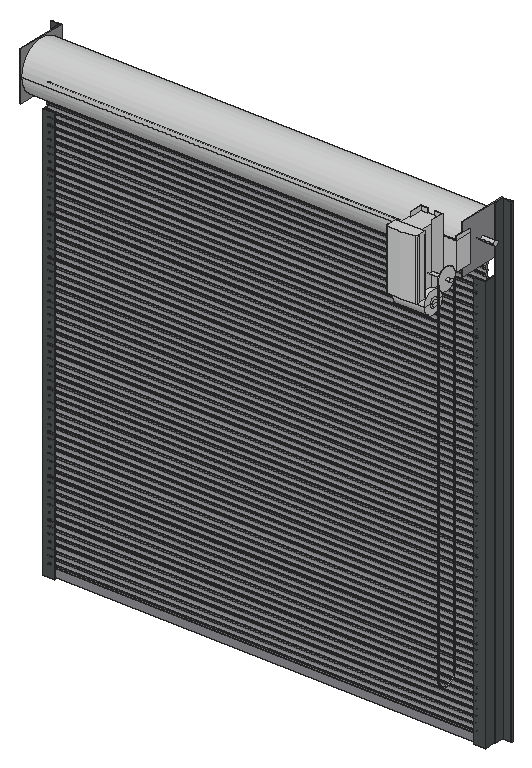
Revit family "Rolling-Steel-Service-Doors_OHD_Model-610_compact", category Specialty Equipment, host Wall, Revit 2023
Family settings
  Host = Wall
  Round Connector Dimension = Use Diameter
  Part Type = Normal
  OmniClass Number = 23.30.10.21.34
  OmniClass Title = Industrial Doors
  Enable Cutting in Views = No
  Always vertical = Yes
  Cut with Voids When Loaded = Yes
  Maintain Annotation Orientation = No
  Shared = No
  Room Calculation Point = No
Parameters (values of type "115 volts, one phase, 60 Hz (110-120V range)")
  Width Count [instance] = if(Slat < 2, 15, if(or(Opening Width < 240", Opening Width = 240"), 20, if(or(Opening Width < 288", Opening Width = 288"), 24, 30)))  # 15
  Warning Sign [instance] = if(Calculated Area > 683.00 SF, 1 = 1, 1 = 2)  # no
  Warning (Note) [instance] = if(Warning Sign, "The Door Area is out of the limit; please adjust accordingly. The maximum allowed area is 683 sq. ft.", if(Opening Height > 360", "Headroom Clearance Dimensions - out of the limits. Consult Factory", " "))  # " "
  Wall Thickness [instance] = 6"
  Voltage = 115 V
  Version = "1.00.01"  # constant formula
  True Opening Width [instance] = if(Between Jambs Mounting, Door Width True, Clear Width)  # 120"
  True Opening Height [instance] = if(Between Jambs Mounting, Clear Height + Headroom Height, Clear Height)  # 120"
  Slat Type [instance] = if(Slat Option < 2, "C-187", if(Slat Option = 2, "C-275", if(Slat Option = 3, "F-265", "FE-265")))  # "C-187"
  Slat Option [instance] = 1
  Slat Length [instance] = Clear Width + G Value * 2 - 1" / 2 * 2  # 126"
  Slat Height [instance] = if(Slat < 2, 11 9/32", if(Slat = 2, 13 3/4", 13 19/128"))  # 11 9/32"
  Slat [instance] = if(Slat Option < 2, 1, if(Slat Option = 2, 2, if(Slat Option = 3, 3, 4)))  # 1
  Product Page URL = "https://www.overheaddoor.com/rolling-steel-service-doors-610"
  Power Factor = 1
  Powder Coat (Note) = "PowderGuard® Premium powder coat finish options are available in approximately 200 colors as well as custom matching to specification. PowderGuard® Textured finish, a thicker, more scratch resistant coat, is available in 11 colors providing enhanced scratch resistance as well as aiding in hiding the dirt and blemishes that often occur in commercial environments.​"  # constant formula
  Operator Visibility = yes
  Operation (Note) [instance] = "Door could operate by manual push, crank, electrical operator or chain hoist. Manual push up and crank could be used up to 80 sf, for larger door sizes you have to use Chain Hoist operator."  # constant formula
  Opening Width Real [instance] = if(Opening Width > Max Opening Width, Max Opening Width, if(Opening Width < Min Opening Width, Min Opening Width, Opening Width))  # 120"
  Opening Width [instance] = 120"
  Opening Height Real [instance] = if(Opening Height > Max Opening Height, Max Opening Height, if(Opening Height < Min Opening Height, Min Opening Height, Opening Height))  # 120"
  Opening Height [instance] = 120"
  One Array element [instance] = not(Array Vis)  # no
  Number of Poles = 1
  Motor Type [instance] = if(Between Jambs Mounting, "RSX Front of Hood", if(Motor Option < 2, "RSX Front of Hood", if(Motor Option = 2, "RSX Top of Hood", if(Motor Option = 3, "RSX Wall Mount", "RSX Bench Mount"))))  # "RSX Front of Hood"
  Motor Selection (Note) [instance] = "Generic operator shown. Contact Overhead Door when dimensions are critical. "  # constant formula
  Motor Position [instance] = if(Between Jambs Mounting, BJ Displacement Real, M Value - G Value)  # 2 3/4"
  Motor Option Real [instance] = if(Between Jambs Mounting, 1, if(Motor Option < 1, 1, if(Motor Option > 4, 4, Motor Option)))  # 1
  Motor Option [instance] = 1
  Min Opening Width [instance] = if(Between Jambs Mounting, 18" + BJ Displacement Real * 2 + G Value * 2, 18")  # 18"
  Min Opening Height [instance] = if(Between Jambs Mounting, 24" + Headroom Height, 24")  # 24"
  Max Opening Width [instance] = 364"  # constant formula
  Max Opening Height [instance] = 340"  # constant formula
  Material Finish (Note) [instance] = "Perforation availible for F-265, C-275 Slat profile. Fenestration 5/8\"x3\" availible for C-275, F-265, FE-265 Slat profile. Fenestration 1\"x10\" availible for F-265, FE-265 Slat profile."  # constant formula
  Material Finish [instance] = 610 : Standard - Gray
  M Value [instance] = if(or(Opening Width < 108", Opening Width = 108"), 5 3/4", if(or(Opening Width < 180", Opening Width = 180"), 6 1/4", if(or(Opening Width < 240", Opening Width = 240"), 7 1/4", 9 1/4")))  # 6 1/4"
  Lookup Table = "Hood Dimensions"  # constant formula
  Lookup BD [instance] = size_lookup(Lookup Table, if(Slat = 1, "A1", if(Slat = 2, "A2", "A3")), 10", Width Count, Height Count)  # 14"
  Jambs Offset [instance] = if(Between Jambs Mounting, BJ Displacement Real + G Value, 0")  # 0"
  Installation Real [instance] = if(Between Jambs Mounting, if((Wall Thickness / 2 - Guid Depth / 2) < 0", 0", Wall Thickness / 2 - Guid Depth / 2), Wall Thickness)  # 6"
  Hood Type [instance] = if(Hood Option < 2, "No Hood", if(Hood Option = 2, "Square Hood", if(Hood Option = 3, "Octagon Hood", "Round Hood")))  # "No Hood"
  Hood Option [instance] = 1
  Hood Offset [instance] = if(Chain Hoist or Manual, 3", 5")  # 5"
  Hood Material [instance] = Metal - Overhead Door - Gray
  Hood Height [instance] = Headroom Height Real - Hood Offset  # 14"
  Height Count [instance] = if(Slat = 1, HC 1, if(Slat = 2, HC 2, HC 3))  # 11
  Lookup HH [instance] = size_lookup(Lookup Table, if(Slat = 1, "A1", if(Slat = 2, "A2", "A3")), 10", Width Count, Height Count)  # 14"
  Headroom Height Real [instance] = if(Face Of Wall Mounting, if(Chain Hoist or Manual, Lookup HH + 3", Lookup HH + 5"), Lookup HH + 3")  # 19"
  Headroom Height [instance] = if(Between Jambs Mounting, Headroom Height Real, if(Hood Option > 1, Headroom Height Real + 1 1/2", Headroom Height Real))  # 19"
  HC 3 [instance] = if(or(Opening Height < 72", Opening Height = 72"), 6, if(or(Opening Height < 96", Opening Height = 96"), 8, if(or(Opening Height < 108", Opening Height = 108"), 9, if(or(Opening Height < 132", Opening Height = 132"), 11, if(or(Opening Height < 156", Opening Height = 156"), 13, if(or(Opening Height < 192", Opening Height = 192"), 16, if(or(Opening Height < 216", Opening Height = 216"), 18, if(or(Opening Height < 252", Opening Height = 252"), 21, if(or(Opening Height < 276", Opening Height = 276"), 23, if(or(Opening Height < 300", Opening Height = 300"), 25, if(or(Opening Height < 336", Opening Height = 336"), 28, 30)))))))))))  # 11
  HC 2 [instance] = if(or(Opening Height < 72", Opening Height = 72"), 6, if(or(Opening Height < 96", Opening Height = 96"), 8, if(or(Opening Height < 108", Opening Height = 108"), 9, if(or(Opening Height < 132", Opening Height = 132"), 11, if(or(Opening Height < 156", Opening Height = 156"), 13, if(or(Opening Height < 192", Opening Height = 192"), 16, if(or(Opening Height < 216", Opening Height = 216"), 18, if(or(Opening Height < 252", Opening Height = 252"), 21, if(or(Opening Height < 276", Opening Height = 276"), 23, if(or(Opening Height < 300", Opening Height = 300"), 25, if(or(Opening Height < 336", Opening Height = 336"), 28, 30)))))))))))  # 11
  HC 1 [instance] = if(or(Opening Height < 72", Opening Height = 72"), 6, if(or(Opening Height < 132", Opening Height = 132"), 11, if(or(Opening Height < 216", Opening Height = 216"), 18, if(or(Opening Height < 252", Opening Height = 252"), 21, 30))))  # 11
  Guide Type [instance] = if(Between Jambs Mounting, "Angled Between Jambs Z Guide", "Angled Z Guide")  # "Angled Z Guide"
  Guide Option [instance] = if(Between Jambs Mounting, 1, 2)  # 2
  Guid Depth [instance] = if(Between Jambs Mounting, D Value + 1/4", D Value)  # 6 1/4"
  G Value [instance] = if(Between Jambs Mounting, if(or(Opening Width < 144", Opening Width = 144"), 3 1/4", if(or(Opening Width < 180", Opening Width = 180"), 3", if(or(Opening Width < 240", Opening Width = 240"), 3 1/2", 5"))), if(or(Opening Width < 108", Opening Width = 108"), 3", if(or(Opening Width < 180", Opening Width = 180"), 3 1/2", if(or(Opening Width < 240", Opening Width = 240"), 4", 5 9/16"))))  # 3 1/2"
  Frequency = 60 Hz
  Face of Wall Offset [instance] = if(Between Jambs Mounting, 0", 5")  # 5"
  Face Of Wall Mounting [instance] = not(Between Jambs Mounting)  # yes
  Door Width True [instance] = if(Between Jambs Mounting, Clear Width + BJ Displacement Real * 2 + G Value * 2, Clear Width + M Value * 2)  # 132 1/2"
  Door Width (Real) [instance] = if(Between Jambs Mounting, Clear Width, Clear Width + 1" / 2)  # 120 1/2"
  Door Height True [instance] = Clear Width + Headroom Height  # 139"
  Door Height (Real) [instance] = Clear Height + Hood Offset  # 125"
  URL = "https://www.overheaddoor.com/"
  Product data url = "https://www.bimobject.com/overhead-door/product/rolling-steel-service-doors-610"
  Product Guid = "8e37abb2-419c-4c5f-98ec-c1df80fb6c32"
  Model = "610"  # constant formula
  Manufacturer = "Overhead Door Corporation"  # constant formula
  Wall Closure = By host
  Floor To (CL) of Shaft [instance] = Clear Height + Hood Height / 2 + Hood Offset  # 132"
  Finish Material = Finish - Overhead Door - Black
  Description = "Model 610 Rolling steel service door"  # constant formula
  Default Elevation = 0"
  Date Updated = "2026/05/29"  # constant formula
  D Value [instance] = if(Between Jambs Mounting, if(or(Opening Width < 144", Opening Width = 144"), 6 1/4", if(or(Opening Width < 180", Opening Width = 180"), 7 1/4", if(or(Opening Width < 240", Opening Width = 240"), 7 1/4", 7 5/8"))), if(or(Opening Width < 108", Opening Width = 108"), 5 11/16", if(or(Opening Width < 180", Opening Width = 180"), 6 1/4", if(or(Opening Width < 240", Opening Width = 240"), 6 3/16", 7 1/16"))))  # 6 1/4"
  Clear Width [instance] = if(Between Jambs Mounting, Opening Width Real - BJ Displacement Real * 2 - G Value * 2, Opening Width Real)  # 120"
  Clear Height [instance] = if(Between Jambs Mounting, Opening Height Real - Headroom Height, Opening Height Real)  # 120"
  Chain Hoist or Manual = no
  Current = 20 A
  Connector Array Distance = 0"  # constant formula
  Connector Array = if(Chain Hoist or Manual, 2, 3)  # 3
  BimObject_Variable_Connectors = "No"  # constant formula
  Between Jambs Mounting [instance] = no
  Between Jambs Guides Offset [instance] = 3"
  Bar [instance] = if(and(Hood Option > 1, Face Of Wall Mounting), 1 = 1, 1 = 2)  # no
  Backroom Depth [instance] = Lookup BD + 1/2"  # 14 1/2"
  BJ Opening Cut [instance] = if(Between Jambs Mounting, Headroom Height, 0")  # 0"
  BJ Displacement Real [instance] = if(Between Jambs Mounting, if(Between Jambs Guides Offset < 3", 3", if(Between Jambs Guides Offset > 6 3/4", 6 3/4", Between Jambs Guides Offset)), 0")  # 0"
  Array Vis [instance] = if(Array < 2, 1 = 2, 1 = 1)  # yes
  Array Real [instance] = if(Array < 2, 2, Array)  # 11
  Array Length [instance] = (Array) * Slat Height  # 124 3/32"
  Array [instance] = rounddown(([Door Height (Real)] - 3") / Slat Height) + 1  # 11
  Calculated Area [instance] = [Door Width (Real)] * [Door Height (Real)]  # 104.601 SF
  Apparent Load Phase 3 = if(Number of Poles = 1, 0 VA, (Voltage * Current * sqrt(3)) / 3)  # 0 VA
  Apparent Load Phase 2 = if(Number of Poles = 1, 0 VA, (Voltage * Current * sqrt(3)) / 3)  # 0 VA
  Apparent Load Phase 1 = if(Number of Poles = 1, Voltage * Current, (Voltage * Current * sqrt(3)) / 3)  # 2300 VA
Reference planes (in)
  plane 1 "Center (Front/Back)": y = -14.625
  plane 2 "Center (Left/Right)": x = 0
  plane 3 "Left": x = -60
  plane 4 "Right": x = 60
  plane 5 "Exterior": y = -8.625
  plane 6 "Interior": y = -14.625
  plane 7: x = 66.25
  plane 8: x = -66.25
  plane 9: z = 120
  plane 10 "Main": y = -20.23437
  plane 11 "Backroom Depth": y = -32.125
  plane 12 "Main Door Block": y = -17.625
  plane 13 "Bottom Bar": z = 2.75
  plane 14: y = -20.875
  plane 15: z = 126.84375
  plane 16: z = 139
  plane 17: z = 125
  plane 18: z = 140.5
  plane 19: z = 0
  plane 20: z = 60
  plane 21: y = -20.0625
  plane 22: y = 18.375
  plane 23: y = -41.625
  plane 24 "Double Main": y = -19.656
  plane 25 "Headroom Top": z = 139
  plane 26: z = 132
  plane 27: x = 63.5
  plane 28: x = -63.5
  plane 29: z = 115.5625
Forms (in)
  Extrusion 1, void
    sketch origin (0, -17.625, 0) x (0, 0, -1) y (-1, 0, 0)
      loop
        line (-120, 60) -> (-120, -60) -> (0, -60) -> (0, 60) -> (-120, 60)
    from 3 to 9
  Extrusion 2, solid, material "Metal - Overhead Door - Gray" <- "Hood Material", visible <- "Bar"
    sketch origin (0, 0, 0) x (0, 1, 0) y (0, 0, 1)
      loop
        line (-14.875, 139) -> (-14.625, 139) -> (-14.625, 140.5) -> (-14.875, 140.5) -> (-14.875, 139)
    from -63.25 to 63.25
Lines and regions (in)
  symbolic lines, visible <- "Bar"
    curve 1: line (63.25, -14.625, 0) -> (-63.25, -14.625, 0)
    curve 2: line (-63.25, -14.875, 0) -> (63.25, -14.875, 0)
Text (in)
  text "Exterior" at (-74.96733, 27.31104, 0), in view "Ref. Level"
  text "Interior" at (-74.96733, -25.14366, 0), in view "Ref. Level"
  text "Exterior" at (0, 40.15149, 123.01588), in view "Right"
  text "Interior" at (0, -64.39139, 123.01588), in view "Right"
  text "Interior" at (0, -31.01599, 123.00693), in view "Left"
  text "Exterior" at (0, 54.57065, 123.00693), in view "Left"
Dimensions and locks (in)
  equal spacing: plane 3 "Left", plane 2 "Center (Left/Right)", plane 4 "Right"
  "Clear Width": plane 3 "Left" to plane 4 "Right"
  level to host wall = 459.59655"
  "Clear Height": level to plane 9
  plane 7 to plane 8 = 132 1/2"
  equal spacing: plane 7, plane 2 "Center (Left/Right)", plane 8
  locked: plane 13 "Bottom Bar" to level at 2.75
  "Door Width True": plane 7 to plane 8
  locked: plane 14 to plane 10 "Main" at 0.64063
  "Array Length": plane 15 to plane 13 "Bottom Bar"
  "Backroom Depth": plane 11 "Backroom Depth" to plane 12 "Main Door Block"
  "Hood Height": plane 16 to plane 17
  locked: plane 18 to plane 16 at 1.5
  locked: Extrusion 2 sketch curve to Extrusion 2 sketch curve at 0.25
  "Installation Real": plane 1 "Center (Front/Back)" to plane 5 "Exterior"
  "Wall Thickness": host wall to host wall
  equal spacing: plane 9, plane 20, plane 19
  locked: plane 10 "Main" to plane 21 at 0.17187
  equal spacing: plane 22, host wall, plane 23
  locked: plane 22 to plane 23 at 60
  locked: plane 10 "Main" to plane 24 "Double Main" at 0.57837
  "BJ Opening Cut": Extrusion 1 sketch curve to plane 9
  locked: Extrusion 2 sketch curve to Extrusion 2 sketch curve at 1.5
  "Hood Offset": plane 17 to plane 9
  "Headroom Height": plane 25 "Headroom Top" to plane 9
  "Floor To (CL) of Shaft": plane 26 to level
  "Jambs Offset": plane 4 "Right" to Extrusion 1 sketch curve
  "Jambs Offset": Extrusion 1 sketch curve to plane 3 "Left"
  "Motor Position": plane 7 to plane 27
  "Motor Position": plane 28 to plane 8
  locked: plane 28 to Extrusion 2 at 0.25
  locked: Extrusion 2 to plane 27 at 0.25
  "Guid Depth": plane 14 to plane 1 "Center (Front/Back)"
  "Slat Height": plane 15 to plane 29
  equal spacing: group 1, group 3, group 4, group 5, group 6, group 7, group 8, group 9, group 10, group 11, group 2  (x3)
  nested 2 to nested 2 = 15.8185"
  aligned and locked: plane 5 "Exterior" to host wall
  aligned and locked: host wall to plane 6 "Interior"
  aligned and locked: level to Extrusion 1 sketch curve
  aligned and locked: Extrusion 1 to plane 5 "Exterior"
  aligned and locked: plane 6 "Interior" to Extrusion 1
  aligned and locked: nested 1 to plane 2 "Center (Left/Right)"
  aligned and locked: plane 16 to nested 2
  aligned and locked: nested 1 to level
  aligned and locked: Extrusion 2 sketch curve to plane 18
  aligned and locked: plane 6 "Interior" to Extrusion 2 sketch curve
  aligned and locked: curve 1 to Extrusion 2  (x2)
  aligned and locked: curve 2 to Extrusion 2  (x2)
  aligned and locked: Extrusion 2 to curve 2
  aligned and locked: plane 5 "Exterior" to nested 2
  aligned and locked: level to plane 19
  aligned and locked: nested 1 to plane 1 "Center (Front/Back)"
  aligned and locked: plane 2 "Center (Left/Right)" to nested 3
  aligned and locked: nested 3 to plane 22
  aligned and locked: plane 23 to nested 4
  aligned and locked: nested 4 to plane 2 "Center (Left/Right)"
  aligned and locked: nested 5 to plane 20
  aligned and locked: plane 2 "Center (Left/Right)" to nested 5
  aligned and locked: nested 2 to plane 27
  aligned and locked: plane 13 "Bottom Bar" to nested 6
  aligned and locked: plane 29 to nested 8
  aligned and locked: nested 8 to plane 21
  aligned and locked: plane 21 to nested 6
  aligned and locked: plane 13 "Bottom Bar" to nested 7
  aligned and locked: plane 21 to nested 7
  aligned and locked: nested 5 to plane 21
Automatic sketch dimensions
  curve 1 to curve 2 = 0"
Nested families (in)
  nested 1: "Lifts" at (0, -14.625, 0), type "Frame Unit"
    with Square Hood no, Round Hood no, Octagon Hood no, No Hood yes
  nested 2: "Motor" at (56.6205, -36.705, 120.93), visible <- "Operator Visibility", type "Trolley Motor"
    with Top Mount RSX no, Not Bench + Top yes, Horizontal Mount 7.58", Vertical Mount 18.07", Motor Option 1, Hood Height 14", Floor To Cl Shaft 132", Top Option Offset 0", Face Mount RSX yes, Top + Bench no, Chain V Offset 6.53", Chain H Offset 1.19", Angle 180.00°
  nested 3: "Label Annotation 1" at (0, 18.375, 0), visible <- "Warning Sign", type "Label Annotation 1"
  nested 4: "Label Annotation 1" at (0, -41.625, 0) x (-1, 0, 0) z (0, 0, 1), visible <- "Warning Sign", type "Label Annotation 1"
  nested 5: "Warning Sign" at (0, -20.0625, 60), visible <- "Warning Sign", type "Warning Sign"
    with Warning Sign no
  nested 6: "610" at (0, -20.0625, 2.75), Slat Option <- "Slat Option", Opening Width <- "Slat Length", type <- "Material Finish", visible <- "Array Vis", type "Standard - Gray"
    with Void Offset 1", Void Height 1", Slat Width 0.53", Slat Position + Offset 12.174", Slat Position 11.28", Slat Option 1, Opening Width 126", Integrated Cutout no, F 265, FE 265 no, Cutout Width Offset 1", Cutout Vertical Offset 0.894", Cutout Horizontal Offset 1", C 275 no, C 187 Standard yes
  nested 7: "610" at (0, -20.0625, 2.75), visible <- "One Array element", Slat Option <- "Slat Option", Opening Width <- "Slat Length", type <- "Material Finish", type "Standard - Gray"
    with Void Offset 1", Void Height 1", Slat Width 0.53", Slat Position + Offset 12.174", Slat Position 11.28", Slat Option 1, Opening Width 126", Integrated Cutout no, F 265, FE 265 no, Cutout Width Offset 1", Cutout Vertical Offset 0.894", Cutout Horizontal Offset 1", C 275 no, C 187 Standard yes
  nested 8: "610" at (0, -20.0625, 115.5625), Slat Option <- "Slat Option", Opening Width <- "Slat Length", type <- "Material Finish", visible <- "Array Vis", type "Standard - Gray"
    with Void Offset 1", Void Height 1", Slat Width 0.53", Slat Position + Offset 12.174", Slat Position 11.28", Slat Option 1, Opening Width 126", Integrated Cutout no, F 265, FE 265 no, Cutout Width Offset 1", Cutout Vertical Offset 0.894", Cutout Horizontal Offset 1", C 275 no, C 187 Standard yes
  nested 9: "610" at (0, -20.0625, 14.03125), Slat Option <- "Slat Option", Opening Width <- "Slat Length", type <- "Material Finish", visible <- "Array Vis", type "Standard - Gray"
    with Void Offset 1", Void Height 1", Slat Width 0.53", Slat Position + Offset 12.174", Slat Position 11.28", Slat Option 1, Opening Width 126", Integrated Cutout no, F 265, FE 265 no, Cutout Width Offset 1", Cutout Vertical Offset 0.894", Cutout Horizontal Offset 1", C 275 no, C 187 Standard yes
  nested 10: "610" at (0, -20.0625, 25.3125), Slat Option <- "Slat Option", Opening Width <- "Slat Length", type <- "Material Finish", visible <- "Array Vis", type "Standard - Gray"
    with Void Offset 1", Void Height 1", Slat Width 0.53", Slat Position + Offset 12.174", Slat Position 11.28", Slat Option 1, Opening Width 126", Integrated Cutout no, F 265, FE 265 no, Cutout Width Offset 1", Cutout Vertical Offset 0.894", Cutout Horizontal Offset 1", C 275 no, C 187 Standard yes
  nested 11: "610" at (0, -20.0625, 36.59375), Slat Option <- "Slat Option", Opening Width <- "Slat Length", type <- "Material Finish", visible <- "Array Vis", type "Standard - Gray"
    with Void Offset 1", Void Height 1", Slat Width 0.53", Slat Position + Offset 12.174", Slat Position 11.28", Slat Option 1, Opening Width 126", Integrated Cutout no, F 265, FE 265 no, Cutout Width Offset 1", Cutout Vertical Offset 0.894", Cutout Horizontal Offset 1", C 275 no, C 187 Standard yes
  nested 12: "610" at (0, -20.0625, 47.875), Slat Option <- "Slat Option", Opening Width <- "Slat Length", type <- "Material Finish", visible <- "Array Vis", type "Standard - Gray"
    with Void Offset 1", Void Height 1", Slat Width 0.53", Slat Position + Offset 12.174", Slat Position 11.28", Slat Option 1, Opening Width 126", Integrated Cutout no, F 265, FE 265 no, Cutout Width Offset 1", Cutout Vertical Offset 0.894", Cutout Horizontal Offset 1", C 275 no, C 187 Standard yes
  nested 13: "610" at (0, -20.0625, 59.15625), Slat Option <- "Slat Option", Opening Width <- "Slat Length", type <- "Material Finish", visible <- "Array Vis", type "Standard - Gray"
    with Void Offset 1", Void Height 1", Slat Width 0.53", Slat Position + Offset 12.174", Slat Position 11.28", Slat Option 1, Opening Width 126", Integrated Cutout no, F 265, FE 265 no, Cutout Width Offset 1", Cutout Vertical Offset 0.894", Cutout Horizontal Offset 1", C 275 no, C 187 Standard yes
  nested 14: "610" at (0, -20.0625, 70.4375), Slat Option <- "Slat Option", Opening Width <- "Slat Length", type <- "Material Finish", visible <- "Array Vis", type "Standard - Gray"
    with Void Offset 1", Void Height 1", Slat Width 0.53", Slat Position + Offset 12.174", Slat Position 11.28", Slat Option 1, Opening Width 126", Integrated Cutout no, F 265, FE 265 no, Cutout Width Offset 1", Cutout Vertical Offset 0.894", Cutout Horizontal Offset 1", C 275 no, C 187 Standard yes
  nested 15: "610" at (0, -20.0625, 81.71875), Slat Option <- "Slat Option", Opening Width <- "Slat Length", type <- "Material Finish", visible <- "Array Vis", type "Standard - Gray"
    with Void Offset 1", Void Height 1", Slat Width 0.53", Slat Position + Offset 12.174", Slat Position 11.28", Slat Option 1, Opening Width 126", Integrated Cutout no, F 265, FE 265 no, Cutout Width Offset 1", Cutout Vertical Offset 0.894", Cutout Horizontal Offset 1", C 275 no, C 187 Standard yes
  nested 16: "610" at (0, -20.0625, 93), Slat Option <- "Slat Option", Opening Width <- "Slat Length", type <- "Material Finish", visible <- "Array Vis", type "Standard - Gray"
    with Void Offset 1", Void Height 1", Slat Width 0.53", Slat Position + Offset 12.174", Slat Position 11.28", Slat Option 1, Opening Width 126", Integrated Cutout no, F 265, FE 265 no, Cutout Width Offset 1", Cutout Vertical Offset 0.894", Cutout Horizontal Offset 1", C 275 no, C 187 Standard yes
  nested 17: "610" at (0, -20.0625, 104.28125), Slat Option <- "Slat Option", Opening Width <- "Slat Length", type <- "Material Finish", visible <- "Array Vis", type "Standard - Gray"
    with Void Offset 1", Void Height 1", Slat Width 0.53", Slat Position + Offset 12.174", Slat Position 11.28", Slat Option 1, Opening Width 126", Integrated Cutout no, F 265, FE 265 no, Cutout Width Offset 1", Cutout Vertical Offset 0.894", Cutout Horizontal Offset 1", C 275 no, C 187 Standard yes
Connectors (in)
  electrical at (59.6085, -35.31077, 131.4998), driven by "Apparent Load Phase 1", driven by "Power Factor", driven by "Voltage", driven by "Apparent Load Phase 2", driven by "Apparent Load Phase 3", driven by "Number of Poles"
    settings: on nested 2, index 1, voltage 115 V, apparent load 0 VA, apparent load phase1 2300 VA, apparent load phase2 0 VA, apparent load phase3 0 VA, power factor 1, load classification "Other", number of poles 1, system type 31, power factor state 1, is connector primary yes, connector utility no, sub classification motor no, connector description "Electrical Connector"
Definition of nested family "Lifts"
  Parameters (values of type "Frame Unit")
    True Width = if(Between Jambs, Opening Width, Opening Width + 1/2")  # 120 1/2"
    Square Hood [instance] = if(Hood Option = 2, 1 = 1, 1 = 2)  # no
    Slat Option = 1
    Round Hood [instance] = if(Hood Option > 3, 1 = 1, 1 = 2)  # no
    Rough Width = 0"
    Rough Height = 0"
    Octagon Hood [instance] = if(Hood Option = 3, 1 = 1, 1 = 2)  # no
    No Hood [instance] = if(Hood Option < 2, 1 = 1, 1 = 2)  # yes
    M Value = 5 1/4"
    Hood Type = if(Hood Option < 2, "No Hood", if(Hood Option = 2, "Square Hood", if(Hood Option = 3, "Octagon Hood", "Round Hood")))  # "No Hood"
    Hood Option = 1
    Hood Offset = 3"
    Hood Height = Headroom Height Real - Hood Offset  # 16"
    Headroom Height Real = Headroom Height  # 19"
    Half Octagon Side = (Radius Hood * 2 * tan(180.00° / 8)) / 2  # 3.00305"
    Half Hood Height = Headroom Height - Hood Offset  # 16"
    G Value = 3 1/2"
    E Guide Width = if(Between Jambs, Guide Offset - G Value + BJ Connection Length - BJ Displacement * 2 / 3, 3")  # 3"
    E Guide Height = 3"  # constant formula
    Z Guide = 1 = 1  # yes
    Slat Material = none
    Shaft Offset = if(Hood Option > 3, (Header Width - (Header Width - Hood Height)) / 2, if(Hood Height < Header Width, (Header Width - (Header Width - Hood Height)) / 2, Header Width / 2))  # 7 1/4"
    Shaft Material = none
    Shaft Length 2 = if(Between Jambs, G Value + BJ Displacement, G Value + 4")  # 7 1/2"
    Shaft Length 1 = if(Between Jambs, G Value + BJ Displacement, G Value + 4")  # 7 1/2"
    Setback = if(Between Jambs, 0", 1/4")  # 1/4"
    Radius Hood = Shaft Offset  # 7 1/4"
    Opening Width = 120"
    Hood Material = none
    Headroom Height = 19"
    Header Width = 14 1/2"
    Opening Height = 120"
    Guide Type = if(Between Jambs, "Angled Between Jambs Z Guide", if(Guide Option > 1, "Angled Z Guide", "Angled E Guide"))  # "Angled Z Guide"
    Guide Option = if(Between Jambs, 1, 2)  # 2
    Guide Offset = BJ Displacement + G Value  # 3 1/2"
    Guide Z Wide = if(Between Jambs, Guide Offset - G Value + BJ Connection Length - BJ Displacement * 2 / 3, M Value - G Value)  # 1 3/4"
    Guide Z Height = 3"  # constant formula
    Floor To (CL) of Shaft = 131"
    Finish Material = none
    Face to Wall Mount = not(Between Jambs)  # yes
    E Guide = if(Between Jambs, 1 = 1, 1 = 2)  # no
    Default Elevation = 0"
    D Value = 4 1/2"
    Between Jambs = no
    BJ Position = if(Between Jambs, 1/4", 0")  # 0"
    BJ Displacement = 0"
    BJ Connection Length = 1 / 3 * BJ Displacement  # 0"
    Angled Guide = 1 = 1  # yes
  Reference planes (in)
    plane 1 "Center (Front/Back)": y = 0
    plane 2: z = 0
    plane 3 "Center (Left/Right)": x = 0
    plane 4 "Opening Height": z = 120
    plane 5: x = -67.5
    plane 6: x = 67.5
    plane 7: z = 139
    plane 8: y = 14.5
    plane 9 "Real Opening 2": x = -60
    plane 10 "Real Opening 1": x = 60
    plane 11: z = 123
    plane 12 "Main": y = 0
    plane 13: z = 131
    plane 14: y = 7.25
    plane 15: x = 63.5
    plane 16: x = -63.5
    plane 17: x = -63.5
    plane 18: x = 63.5
    plane 19: y = 4.5
    plane 20: x = -63.25
    plane 21: x = 63.25
    plane 22: y = 7.25
    plane 23: z = 140.5
    plane 24: y = 4.5
    plane 25: y = 3.375
    plane 26: y = 4.5
    plane 27: y = 3.375
  Forms (in)
    Extrusion 1, solid, material <- "Slat Material"
      sketch origin (0, 0, 0) x (0, 1, 0) y (0, 0, 1)
        loop
          line (3.6875, 2.375) -> (3.6875, 2.75) -> (3.0625, 2.75) -> (3.0625, 2.375) -> (3.6875, 2.375)
      from -63.25 to 63.25
    Extrusion 2, solid, material <- "Slat Material"
      sketch origin (0, 0, 0) x (0, 1, 0) y (0, 0, 1)
        loop
          line (3.6875, 2.375) -> (3.0625, 2.375) -> (3.0625, 0) -> (3.6875, 0) -> (3.6875, 2.375)
      from -63.25 to 63.25
    Extrusion 3, solid, material <- "Shaft Material"
      sketch origin (0, -5.35201, 0) x (0, 1, 0) y (0, 0, 1)
        loop
          circle (12.60201, 131) r 0.6
      from -67.5 to 67.5
    Extrusion 4, solid, material <- "Hood Material", visible <- "Square Hood"
      sketch origin (0, 0, 0) x (0, 1, 0) y (0, 0, 1)
        loop
          line (0, 123) -> (14.5, 123) -> (14.5, 139) -> (0, 139) -> (0, 123)
      from -63.25 to 63.25
    Extrusion 5, solid, material <- "Hood Material", visible <- "Round Hood"
      sketch origin (0, 0, 0) x (0, 1, 0) y (0, 0, 1)
        loop
          line (0, 139) -> (0, 123) -> (7.25, 123)
          arc (7.25, 123) -> (15.25, 131) -> (7.25, 139) r 8
          line (7.25, 139) -> (0, 139)
      from -63.25 to 63.25
    Extrusion 6, solid, material <- "Finish Material", visible <- "E Guide"
      sketch origin (0, 0, 0) x (1, 0, 0) y (0, 1, 0)
        loop
          line (60.5, 0) -> (63.5, 0) -> (63.5, 3) -> (63.4375, 3)
          arc (63.4375, 3) -> (63.30492, 2.94508) -> (63.25, 2.8125) r 0.1875
          line (63.25, 2.8125) -> (63.25, 0.25) -> (60.6875, 0.25)
          arc (60.6875, 0.25) -> (60.55492, 0.19508) -> (60.5, 0.0625) r 0.1875
          line (60.5, 0.0625) -> (60.5, 0)
        loop
          line (-60.5, 0) -> (-60.5, 0.0625)
          arc (-60.5, 0.0625) -> (-60.55492, 0.19508) -> (-60.6875, 0.25) r 0.1875
          line (-60.6875, 0.25) -> (-63.25, 0.25) -> (-63.25, 2.8125)
          arc (-63.25, 2.8125) -> (-63.30492, 2.94508) -> (-63.4375, 3) r 0.1875
          line (-63.4375, 3) -> (-63.5, 3) -> (-63.5, 0) -> (-60.5, 0)
      from 0 to 139
    Extrusion 7, solid, material <- "Finish Material", visible <- "Z Guide"
      sketch origin (0, 0, 0) x (1, 0, 0) y (0, 1, 0)
        loop
          line (65.25, 0) -> (65.25, 0.062)
          arc (65.25, 0.062) -> (65.19494, 0.19494) -> (65.062, 0.25) r 0.188
          line (65.062, 0.25) -> (63.75, 0.25) -> (63.75, 2.812)
          arc (63.75, 2.812) -> (63.69494, 2.94494) -> (63.562, 3) r 0.188
          line (63.562, 3) -> (63.5, 3) -> (63.5, 0) -> (65.25, 0)
        loop
          line (-65.25, 0) -> (-63.5, 0) -> (-63.5, 3) -> (-63.562, 3)
          arc (-63.562, 3) -> (-63.69494, 2.94494) -> (-63.75, 2.812) r 0.188
          line (-63.75, 2.812) -> (-63.75, 0.25) -> (-65.062, 0.25)
          arc (-65.062, 0.25) -> (-65.19494, 0.19494) -> (-65.25, 0.062) r 0.188
          line (-65.25, 0.062) -> (-65.25, 0)
      from 0 to 139
    Extrusion 8, solid, material <- "Finish Material", visible <- "Angled Guide"
      sketch origin (0, 0, 0) x (1, 0, 0) y (0, 1, 0)
        loop
          line (60.25, 4.5) -> (60.25, 4.437)
          arc (60.25, 4.437) -> (60.30477, 4.30477) -> (60.437, 4.25) r 0.187
          line (60.437, 4.25) -> (63.25, 4.25) -> (63.25, 2.5) -> (60.25, 2.5) -> (60.25, 2.437)
          arc (60.25, 2.437) -> (60.30477, 2.30477) -> (60.437, 2.25) r 0.187
          line (60.437, 2.25) -> (63, 2.25) -> (63, 0.5625) -> (63.25, 0.5625) -> (63.25, 0.25) -> (63.5, 0.25) -> (63.5, 4.5) -> (60.25, 4.5)
        loop
          line (-60.25, 4.5) -> (-63.5, 4.5) -> (-63.5, 0.25) -> (-63.25, 0.25) -> (-63.25, 0.5625) -> (-63, 0.5625) -> (-63, 2.25) -> (-60.437, 2.25)
          arc (-60.437, 2.25) -> (-60.30477, 2.30477) -> (-60.25, 2.437) r 0.187
          line (-60.25, 2.437) -> (-60.25, 2.5) -> (-63.25, 2.5) -> (-63.25, 4.25) -> (-60.437, 4.25)
          arc (-60.437, 4.25) -> (-60.30477, 4.30477) -> (-60.25, 4.437) r 0.187
          line (-60.25, 4.437) -> (-60.25, 4.5)
      from 0 to 120
    Extrusion 9, solid, material <- "Hood Material"
      sketch origin (0, 0, 0) x (-1, 0, 0) y (0, 0, 1)
        loop
          line (63.25, 123) -> (63.5, 123) -> (63.5, 139) -> (63.25, 139) -> (63.25, 123)
        loop
          line (-63.5, 123) -> (-63.25, 123) -> (-63.25, 139) -> (-63.5, 139) -> (-63.5, 123)
      from 0 to 14.5
    Extrusion 10, solid, material <- "Shaft Material", visible <- "No Hood"
      sketch origin (0, 0, 0) x (0, 1, 0) y (0, 0, 1)
        loop
          circle (7.25, 131) r 7.25
      from -63.25 to 63.25
    Extrusion 11, solid, material <- "Hood Material", visible <- "Octagon Hood"
      sketch origin (0, 0, 0) x (0, 1, 0) y (0, 0, 1)
        loop
          line (0, 139) -> (0, 123) -> (10.25305, 123) -> (14.5, 127.99695) -> (14.5, 134.00305) -> (10.25305, 139) -> (0, 139)
      from -63.25 to 63.25
  Lines and regions (in)
    Masking region 1
      outline origin (0, 0, 0) x (1, 0, 0) y (0, 1, 0)
        loop
          line (67.5, 7.85) -> (63.5, 7.85) -> (63.5, 6.65) -> (67.5, 6.65) -> (67.5, 7.85)
        loop
          line (-67.5, 6.65) -> (-63.5, 6.65) -> (-63.5, 7.85) -> (-67.5, 7.85) -> (-67.5, 6.65)
    Masking region 2
      outline origin (0, 0, 0) x (1, 0, 0) y (0, 1, 0)
        loop
          line (-63.5, 14.5) -> (-63.5, 0) -> (63.5, 0) -> (63.5, 14.5) -> (-63.5, 14.5)
    Masking region 3, visible <- "Z Guide"
      outline origin (0, 0, 0) x (1, 0, 0) y (0, 1, 0)
        loop
          line (65.062, 0.25) -> (63.75, 0.25) -> (63.75, 2.812)
          arc (63.75, 2.812) -> (63.69494, 2.94494) -> (63.562, 3) r 0.188
          line (63.562, 3) -> (63.5, 3) -> (63.5, 0) -> (65.25, 0) -> (65.25, 0.062)
          arc (65.25, 0.062) -> (65.19494, 0.19494) -> (65.062, 0.25) r 0.188
        loop
          line (-63.75, 0.25) -> (-65.062, 0.25)
          arc (-65.062, 0.25) -> (-65.19494, 0.19494) -> (-65.25, 0.062) r 0.188
          line (-65.25, 0.062) -> (-65.25, 0) -> (-63.5, 0) -> (-63.5, 3) -> (-63.562, 3)
          arc (-63.562, 3) -> (-63.69494, 2.94494) -> (-63.75, 2.812) r 0.188
          line (-63.75, 2.812) -> (-63.75, 0.25)
    Masking region 4, visible <- "E Guide"
      outline origin (0, 0, 0) x (1, 0, 0) y (0, 1, 0)
        loop
          line (-63.5, 3) -> (-63.5, 0) -> (-60.5, 0) -> (-60.5, 0.0625)
          arc (-60.5, 0.0625) -> (-60.55492, 0.19508) -> (-60.6875, 0.25) r 0.1875
          line (-60.6875, 0.25) -> (-63.25, 0.25) -> (-63.25, 2.8125)
          arc (-63.25, 2.8125) -> (-63.30492, 2.94508) -> (-63.4375, 3) r 0.1875
          line (-63.4375, 3) -> (-63.5, 3)
        loop
          line (63.5, 0) -> (63.5, 3) -> (63.4375, 3)
          arc (63.4375, 3) -> (63.30492, 2.94508) -> (63.25, 2.8125) r 0.1875
          line (63.25, 2.8125) -> (63.25, 0.25) -> (60.6875, 0.25)
          arc (60.6875, 0.25) -> (60.55492, 0.19508) -> (60.5, 0.0625) r 0.1875
          line (60.5, 0.0625) -> (60.5, 0) -> (63.5, 0)
    symbolic lines
      curve 1: line (-63.25, 0, 0) -> (-63.25, 14.5, 0)
      curve 2: line (63.25, 14.5, 0) -> (63.25, 0, 0)
    symbolic lines, visible <- "Octagon Hood"
      curve 3: line (-63.25, 10.25305, 0) -> (63.25, 10.25305, 0)
  Dimensions and locks (in)
    Extrusion 1 sketch curve to level = 2 3/8"
    locked: Extrusion 1 sketch curve to Extrusion 1 sketch curve at 0.625
    locked: Extrusion 2 sketch curve to level at 2.375
    "Headroom Height Real": plane 7 to plane 4 "Opening Height"
    plane 8 to plane 1 "Center (Front/Back)" = 14 1/2"
    "Radius Hood": Extrusion 5 sketch curve to plane 8
    "Opening Height": plane 4 "Opening Height" to level
    "Hood Offset": plane 11 to plane 4 "Opening Height"
    "BJ Position": plane 12 "Main" to plane 1 "Center (Front/Back)"
    "Header Width": plane 12 "Main" to plane 8
    "Floor To (CL) of Shaft": plane 13 to level
    "Shaft Offset": Extrusion 3 sketch curve to plane 8
    locked: Extrusion 2 sketch curve to Extrusion 2 sketch curve at 0.625
    "Shaft Offset": plane 8 to plane 14
    locked: Masking region 1 sketch curve to Masking region 1 sketch curve at 1.2
    locked: Masking region 1 sketch curve to plane 14 at 0.6
    "Guide Offset": plane 10 "Real Opening 1" to plane 15
    "Guide Offset": plane 16 to plane 9 "Real Opening 2"
    locked: Extrusion 6 sketch curve to Extrusion 6 sketch curve at 0.25  (x4)
    "E Guide Height": Extrusion 6 sketch curve to Extrusion 6 sketch curve  (x2)
    "E Guide Width": Extrusion 6 sketch curve to Extrusion 6 sketch curve  (x2)
    locked: Extrusion 7 sketch curve to Extrusion 7 sketch curve at 0.25  (x4)
    "Guide Z Wide": Extrusion 7 sketch curve to Extrusion 7 sketch curve  (x2)
    "Guide Z Height": Extrusion 7 sketch curve to Extrusion 7 sketch curve  (x2)
    locked: Extrusion 8 sketch curve to Extrusion 8 sketch curve at 0.25  (x8)
    locked: Extrusion 8 sketch curve to Extrusion 8 sketch curve at 2.25  (x2)
    locked: Extrusion 8 sketch curve to Extrusion 8 sketch curve at 4.25  (x2)
    locked: Extrusion 8 sketch curve to Extrusion 8 sketch curve at 0.3125  (x2)
    "Setback": plane 10 "Real Opening 1" to Extrusion 8 sketch curve
    "Setback": Extrusion 8 sketch curve to plane 9 "Real Opening 2"
    equal spacing: plane 16, plane 3 "Center (Left/Right)", plane 15
    "G Value": Extrusion 7 sketch curve to plane 9 "Real Opening 2"
    "G Value": plane 10 "Real Opening 1" to Extrusion 7 sketch curve
    "G Value": plane 10 "Real Opening 1" to plane 18
    "G Value": plane 17 to plane 9 "Real Opening 2"
    "Shaft Length 1": plane 5 to plane 9 "Real Opening 2"
    "Shaft Length 2": plane 6 to plane 10 "Real Opening 1"
    locked: Extrusion 2 to plane 18 at 0.25
    locked: Extrusion 2 to plane 17 at 0.25
    locked: plane 17 to plane 20 at 0.25
    locked: plane 21 to plane 18 at 0.25
    "Shaft Offset": Extrusion 10 sketch curve to plane 8
    plane 13 to plane 11 = 8"
    plane 7 to plane 13 = 8"
    "Shaft Offset": plane 22 to plane 8
    "Half Octagon Side": Extrusion 11 sketch curve to plane 13
    "Half Octagon Side": plane 13 to Extrusion 11 sketch curve
    "Half Octagon Side": plane 22 to Extrusion 11 sketch curve  (x2)
    equal spacing: plane 9 "Real Opening 2", plane 3 "Center (Left/Right)", plane 10 "Real Opening 1"
    "Opening Width": plane 9 "Real Opening 2" to plane 10 "Real Opening 1"
    locked: plane 23 to plane 7 at 1.5
    "D Value": plane 1 "Center (Front/Back)" to plane 19
    "D Value": plane 24 to plane 1 "Center (Front/Back)"
    locked: plane 24 to plane 25 at 1.125
    equal spacing: Extrusion 1 sketch curve, plane 25, Extrusion 1 sketch curve
    "D Value": plane 26 to plane 1 "Center (Front/Back)"
    locked: plane 26 to plane 27 at 1.125
    equal spacing: Extrusion 2 sketch curve, plane 27, Extrusion 2 sketch curve
    "G Value": plane 10 "Real Opening 1" to Extrusion 8 sketch curve
    "G Value": Extrusion 8 sketch curve to plane 9 "Real Opening 2"
    radius of Extrusion 6 sketch curve = 3/16"  (x4)
    radius of Extrusion 7 sketch curve = 0.188"  (x4)
    locked: Extrusion 8 sketch curve to Extrusion 8 sketch curve (radius 0.187")  (x4)
    "Radius Hood": radius of Extrusion 10 sketch curve
    aligned and locked: plane 2 to level
    aligned and locked: plane 5 to Extrusion 3
    aligned and locked: Extrusion 3 to plane 6
    aligned and locked: Extrusion 4 sketch curve to plane 7
    aligned and locked: Extrusion 4 sketch curve to plane 8
    aligned and locked: Extrusion 5 sketch curve to plane 7
    aligned and locked: plane 13 to Extrusion 3 sketch curve
    aligned and locked: plane 5 to Masking region 1 sketch curve
    aligned and locked: plane 6 to Masking region 1 sketch curve
    aligned and locked: Masking region 1 sketch curve to Masking region 1 sketch curve  (x2)
    aligned and locked: plane 12 "Main" to Extrusion 6 sketch curve  (x2)
    aligned and locked: Extrusion 6 sketch curve to plane 15
    aligned and locked: plane 16 to Extrusion 6 sketch curve
    aligned and locked: Extrusion 7 sketch curve to plane 1 "Center (Front/Back)"  (x2)
    aligned and locked: Extrusion 8 sketch curve to Extrusion 8 sketch curve  (x4)
    aligned and locked: plane 19 to Extrusion 8 sketch curve
    aligned and locked: Extrusion 8 sketch curve to plane 19
    aligned and locked: plane 4 "Opening Height" to Extrusion 8
    aligned and locked: Extrusion 5 sketch curve to plane 12 "Main"
    aligned and locked: plane 12 "Main" to Extrusion 4 sketch curve
    aligned and locked: Extrusion 9 sketch curve to plane 11  (x2)
    aligned and locked: Extrusion 9 sketch curve to plane 7  (x2)
    aligned and locked: plane 17 to Extrusion 9 sketch curve
    aligned and locked: Extrusion 9 sketch curve to plane 18
    aligned and locked: Masking region 2 sketch curve to Extrusion 4
    aligned and locked: Masking region 2 to curve 2  (x2)
    aligned and locked: Masking region 2 to curve 1  (x2)
    aligned and locked: Masking region 3 sketch curve to Extrusion 7  (x10)
    aligned and locked: Extrusion 7 to Masking region 3 sketch curve
    aligned and locked: Masking region 4 sketch curve to Extrusion 6  (x10)
    aligned and locked: Extrusion 2 to Extrusion 1
    aligned and locked: Extrusion 1 to Extrusion 2
    aligned and locked: Extrusion 9 to curve 1
    aligned and locked: Extrusion 9 to curve 2
    aligned and locked: Masking region 2 to plane 17
    aligned and locked: Masking region 2 to plane 18
    aligned and locked: plane 18 to Masking region 1 sketch curve
    aligned and locked: Masking region 1 sketch curve to plane 17
    aligned and locked: plane 20 to Extrusion 9 sketch curve
    aligned and locked: plane 21 to Extrusion 9 sketch curve
    aligned and locked: plane 20 to Extrusion 4
    aligned and locked: plane 20 to Extrusion 5
    aligned and locked: Extrusion 4 to plane 21
    aligned and locked: Extrusion 5 to plane 21
    aligned and locked: plane 13 to Extrusion 10 sketch curve
    aligned and locked: Extrusion 11 sketch curve to plane 12 "Main"
    aligned and locked: Extrusion 11 sketch curve to plane 7
    aligned and locked: Extrusion 11 sketch curve to plane 11
    aligned and locked: Extrusion 11 sketch curve to plane 8
    aligned and locked: Extrusion 11 to plane 20
    aligned and locked: Extrusion 11 to plane 21
    aligned and locked: plane 20 to Extrusion 10
    aligned and locked: Extrusion 10 to plane 21
    aligned and locked: plane 8 to Extrusion 9
    aligned and locked: Extrusion 11 to curve 3
    aligned and locked: plane 20 to curve 3
    aligned and locked: plane 21 to curve 3
    aligned and locked: plane 7 to Extrusion 7
    aligned and locked: plane 7 to Extrusion 6
    aligned and locked: Extrusion 4 sketch curve to plane 11
    aligned and locked: Extrusion 5 sketch curve to plane 11
  Automatic sketch dimensions
    plane 17 to Masking region 2 sketch curve = 0"
    Masking region 2 sketch curve to plane 18 = 0"
    Masking region 2 sketch curve to plane 1 "Center (Front/Back)" = 0"
    Extrusion 1 sketch curve to Extrusion 1 sketch curve = 3/8"
    Extrusion 2 sketch curve to level = 0"
    radius of Extrusion 3 sketch curve = 0.6"
Definition of nested family "Motor"
  Parameters (values of type "Trolley Motor")
    Wall Mount RSX = if(Chain Hoist, 1 = 2, if(Motor Option = 3, 1 = 1, 1 = 2))  # no
    Top Mount RSX = if(Chain Hoist, 1 = 2, if(Motor Option = 2, 1 = 1, 1 = 2))  # yes
    Shaft Material = none
    Real Exterior Wall Offset = if(Wall Mount RSX, Displacement, Exterior Wall Offset + if(and(BJ, Bench Mount RSX, Hood Width < 19 1/2"), 2.6", 0"))  # 6"
    Not Chain Hoist = not(Chain Hoist)  # yes
    Not Bench + Top = not(or(Top Mount RSX, Chain Hoist, Bench Mount RSX))  # no
    Horizontal Mount = if(Face Mount RSX, 5.08" + 0.12" + 2.38", if(Top Mount RSX, 11.19", if(Wall Mount RSX, 5.08", if(Bench Mount RSX, 4.77" + if(or(Hood Width < 14", Hood Width = 14"), 6.13", if(or(Hood Width < 16", Hood Width = 16"), 4.13", 3 1/4")), 0"))))  # 11.19"
    Not Fire King = if(Chain Hoist, 1 = 2, not(Chain Hoist))  # yes
    Vertical Mount = if(Face Mount RSX, 11.07" + Hood Height / 2, if(Top Mount RSX, 14.92" - 0.13" - 2.38", if(Wall Mount RSX, 20.03" + 6" + Hood Height / 2, if(Bench Mount RSX, 20" + 2.29" + Hood Height / 2, Hood Height))))  # 12.41"
    Motor Type = if(Motor Option < 2, "RSX FDO Face Mount", if(Motor Option = 2, "RSX FDO Top Mount", if(Motor Option = 3, "RSX Wall Mount", if(Motor Option = 4, "RSX Bench Mount", "Chain Hoist"))))  # "RSX FDO Top Mount"
    Motor Option = 2
    Main Material = none
    Hood Width Real = if(Wall Mount RSX, 0", if(Chain Hoist, if(Hood Height < Hood Width, (Hood Width + (Hood Width - Hood Height)) / 2, Hood Width / 2), Hood Width))  # 14 1/2"
    Hood Width = 14 1/2"
    Hood Height = 16"
    Hood Mount = if(or(Face Mount RSX, Top Mount RSX), 0.37", if(Wall Mount RSX, if(BJ, 12.24" + BJ Displacement, 14.74"), if(Bench Mount RSX, 14.49", 4.26")))  # 0.37"
    Floor To Cl Shaft = 131"
    Fire King RHX = 1 = 2  # no
    Top Option Offset = if(or(Top Mount RSX, Bench Mount RSX), 20", 0")  # 20"
    Face+Top = if(Chain Hoist, 1 = 2, if(or(Face Mount RSX, Top Mount RSX), 1 = 1, 1 = 2))  # yes
    Face Mount RSX = if(Chain Hoist, 1 = 2, if(Motor Option < 2, 1 = 1, 1 = 2))  # no
    Top + Bench = if(Chain Hoist, 1 = 2, if(or(Top Mount RSX, Bench Mount RSX), 1 = 1, 1 = 2))  # yes
    Face + Top + Bench = if(Chain Hoist, 1 = 2, if(or(Face Mount RSX, Top Mount RSX, Bench Mount RSX), 1 = 1, 1 = 2))  # yes
    Exterior Wall Offset = 6"
    Displacement = 6"
    Default Elevation = 48"
    Chain V Offset = if(or(Face Mount RSX, Wall Mount RSX), 6.53", if(or(Top Mount RSX, Bench Mount RSX), 18.81", Hood Height / 2))  # 18.81"
    Chain H Offset = if(or(Face Mount RSX, Wall Mount RSX), 1.19", if(or(Top Mount RSX, Bench Mount RSX), 6.53", 0"))  # 6.53"
    Chain Hoist = no
    Bench Mount RSX = if(Chain Hoist, 1 = 2, if(Motor Option > 3, 1 = 1, 1 = 2))  # no
    BJ Displacement = 0"
    BJ = no
    Angle = if(or(Bench Mount RSX, Top Mount RSX), 90.00°, 180.00°)  # 90.00°
  Reference planes (in)
    plane 1 "Center (Front/Back)": y = 0
    plane 2: z = 0
    plane 3 "Center (Left/Right)": x = 0
    plane 4: y = 0
    plane 5: y = 6.53
    plane 6: z = -132.19
    plane 7: z = -102.19
    plane 8: z = -1.19
    plane 9 "Chain Hoist": z = -1.19
    plane 10 "Top Of Hood": z = -7.59
    plane 11: y = 11.19
    plane 12: z = -20
    plane 13 "Hood Face": x = 6.8795
    plane 14: x = 7.2495
    plane 15: y = 25.69
    plane 16 "Wall": y = 31.69
  Forms (in)
    Extrusion 1, solid, material <- "Main Material", visible <- "Not Chain Hoist"
      sketch origin (0, 18.8898, 0) x (1, 0, 0) y (0, 0, -1)
        loop
          line (-4.134, -2.41307) -> (4.116, -2.41307) -> (4.116, -2.29347) -> (3.108, -2.29347)
          arc (3.108, -2.29347) -> (3.02315, -2.25832) -> (2.988, -2.17347) r 0.12
          line (2.988, -2.17347) -> (2.988, 4.96193) -> (-2.988, 4.96193) -> (-2.988, -2.17347)
          arc (-2.988, -2.17347) -> (-3.02315, -2.25832) -> (-3.108, -2.29347) r 0.12
          line (-3.108, -2.29347) -> (-4.134, -2.29347) -> (-4.134, -2.41307)
      from -16.64 to 0
    Extrusion 2, solid, material <- "Main Material", visible <- "Not Chain Hoist"
      sketch origin (0, 18.8898, 0) x (1, 0, 0) y (0, 0, -1)
        loop
          line (-4.134, -2.41307) -> (-4.134, -5.05565) -> (-4.3324, -5.05565) -> (-4.3324, -5.3122)
          arc (-4.3324, -5.3122) -> (-4.24466, -5.55085) -> (-4.02324, -5.67585) r 0.36846
          arc (-4.02324, -5.67585) -> (0, -6.0017) -> (4.02324, -5.67585) r 25
          arc (4.02324, -5.67585) -> (4.24466, -5.55085) -> (4.3324, -5.3122) r 0.36846
          line (4.3324, -5.3122) -> (4.3324, -5.05565) -> (4.116, -5.05565) -> (4.116, -2.41307) -> (-4.134, -2.41307)
      from -17 to 0.35839
    Revolve 3, solid, material <- "Main Material", visible <- "Not Fire King"
      sketch origin (2.0828, 5.66524, 0) x (0, -1, 0) y (1, 0, 0)
        loop
          line (5.66524, -9.0813) -> (5.66524, 3.1162) -> (4.82413, 3.1162) -> (4.82413, 2.7162) -> (4.39283, 2.7162) -> (4.39283, 2.4872) -> (2.50257, 2.4872) -> (2.50257, -6.6585) -> (3.79863, -6.6585) -> (3.79863, -7.51105) -> (3.89778, -7.6102) -> (5.36033, -7.6102) -> (5.36033, -7.8313) -> (4.69783, -7.8313) -> (4.69783, -9.0813) -> (5.66524, -9.0813)
        axis (5.66524, -9.0813) -> (5.66524, 3.1162)
      angle from 0 to 360
    Extrusion 4, solid, material <- "Main Material", visible <- "Wall Mount RSX"
      sketch origin (0, 18.8898, 0) x (1, 0, 0) y (0, 0, -1)
        loop
          line (-2.988, 5.08193) -> (-4.988, 5.08193) -> (-4.988, 4.96193) -> (-3.108, 4.96193) -> (-3.108, 1.46193) -> (-2.988, 1.46193) -> (-2.988, 5.08193)
        loop
          line (2.988, 5.08193) -> (2.988, 1.46193) -> (3.108, 1.46193) -> (3.108, 4.96193) -> (4.988, 4.96193) -> (4.988, 5.08193) -> (2.988, 5.08193)
      from -16.64 to 1.14
    Extrusion 5, solid, material <- "Main Material"
      sketch origin (0, 0.00141, 3.59957) x (0, 0, 1) y (0, -1, 0)
        loop
          circle (-4.78957, -6.52859) r 3
      from 7.52 to 7.2495
    Sweep 6, solid, material <- "Main Material"
      path origin (7.38475, 9.53, 48) x (0, 1, 0) y (0, 0, 1)
        loop
          line (-6, -49.19) -> (-6, -150.19)
          arc (-6, -150.19) -> (-3, -153.19) -> (0, -150.19) r 3
          line (0, -150.19) -> (0, -49.19)
      profile origin (7.38475, 3.53, -51.69) x (1, 0, 0) y (0, 1, 0)
        loop
          circle (0, 0.1) r 0.1
    Extrusion 7, solid, material <- "Main Material"
      sketch origin (0, 0.00141, 3.59957) x (0, 0, 1) y (0, -1, 0)
        loop
          circle (-4.78957, -6.52859) r 0.4
      from 8.82 to 0
    Extrusion 8, solid, material <- "Main Material", visible <- "Face+Top"
      sketch origin (0, 18.8898, 0) x (1, 0, 0) y (0, 0, -1)
        loop
          line (7.2495, 5.08193) -> (7.2495, 9.82193) -> (7.1295, 9.82193) -> (7.1295, 5.20193) -> (-2.988, 5.20193) -> (-2.988, 5.08193) -> (7.2495, 5.08193)
      from -12.32 to -4.32
    Extrusion 9, solid, material <- "Main Material", visible <- "Face + Top + Bench"
      sketch origin (0.25, 18.8898, 0) x (1, 0, 0) y (0, 0, -1)
        loop
          line (-3.358, 5.08193) -> (-3.358, 1.46193) -> (-3.238, 1.46193) -> (-3.238, 4.96193) -> (-1.238, 4.96193) -> (-1.238, 5.08193) -> (-3.358, 5.08193)
        loop
          line (2.858, 5.08193) -> (0.738, 5.08193) -> (0.738, 4.96193) -> (2.738, 4.96193) -> (2.738, 1.46193) -> (2.858, 1.46193) -> (2.858, 5.08193)
      from -16.64 to 1.14
    Extrusion 10, solid, material <- "Main Material", visible <- "Face+Top"
      sketch origin (0, 0, 0) x (0, 1, 0) y (0, 0, 1)
        loop
          line (15.5698, -5.33193) -> (6.5698, -5.33193) -> (6.5698, -9.82193) -> (15.5698, -9.82193) -> (15.5698, -5.33193)
      from 6.8795 to 7.1295
    Extrusion 11, solid, material <- "Main Material", visible <- "Bench Mount RSX"
      sketch origin (0, 18.8898, 0) x (1, 0, 0) y (0, 0, -1)
        loop
          line (-6.9985, 5.08193) -> (3.108, 5.08193) -> (3.108, 5.20193) -> (-7.1205, 5.20193) -> (-7.1205, 1.33693) -> (-6.9985, 1.33693) -> (-6.9985, 5.08193)
      from -10.78 to -1.46
    Extrusion 12, solid, material <- "Main Material", visible <- "Bench Mount RSX"
      sketch origin (0, 0, 0) x (0, 1, 0) y (0, 0, 1)
        loop
          line (8.2698, -1.46193) -> (8.2698, -4.96193) -> (17.2698, -4.96193) -> (17.2698, -1.46193) -> (8.2698, -1.46193)
      from -7.24 to -7.1205
  Lines and regions (in)
    reference lines
      curve 1: line (0, 0, 0) -> (0, 18.8898, 0)
  Dimensions and locks (in)
    Extrusion 4 sketch curve to Extrusion 4 sketch curve = 3.62"
    locked: Extrusion 4 sketch curve to Extrusion 4 sketch curve at 0.12  (x3)
    "Chain H Offset": plane 4 to plane 5
    locked: plane 7 to plane 6 at 30
    locked: Sweep 6 sketch curve to profile plane at 0
    locked: profile plane to Sweep 6 sketch curve at 0.1
    locked: Sweep 6 sketch curve to Sweep 6 sketch curve at 6
    "Floor To Cl Shaft": plane 8 to plane 6
    "Horizontal Mount": plane 1 "Center (Front/Back)" to plane 11
    Extrusion 9 sketch curve to Extrusion 9 sketch curve = 3.62"
    locked: Extrusion 9 sketch curve to Extrusion 9 sketch curve at 0.12  (x3)
    "Top Option Offset": level to plane 12
    "Chain V Offset": plane 9 "Chain Hoist" to plane 12
    equal spacing: Sweep 6 sketch curve, plane 5, Sweep 6 sketch curve
    "Vertical Mount": plane 10 "Top Of Hood" to plane 12
    locked: Extrusion 2 sketch curve to Extrusion 2 sketch curve at 8.25
    locked: Extrusion 2 sketch curve to Extrusion 2 sketch curve at 2.64258
    locked: plane 3 "Center (Left/Right)" to plane 14 at 7.2495
    "Hood Mount": plane 13 "Hood Face" to plane 14
    locked: Extrusion 8 sketch curve to Extrusion 8 sketch curve at 0.12  (x2)
    locked: Extrusion 8 sketch curve to curve 1 at 5.08193
    "Hood Width Real": plane 11 to plane 15
    "Real Exterior Wall Offset": plane 15 to plane 16 "Wall"
    locked: Extrusion 8 sketch curve to Extrusion 8 sketch curve at 4.62
    Revolve 3 sketch curve to Revolve 3 sketch curve to Revolve 3 sketch curve to Revolve 3 sketch curve to Revolve 3 sketch curve to Revolve 3 sketch curve to Revolve 3 sketch curve = 1 1/4" locked, 0.2211" locked, 0.9517" locked, 9.1457" locked, 0.229" locked, 0.4" locked
    Revolve 3 sketch curve to Revolve 3 sketch curve to Revolve 3 sketch curve to Revolve 3 sketch curve to Revolve 3 sketch curve to Revolve 3 sketch curve to Revolve 3 sketch curve to Revolve 3 sketch curve = 0.30491" locked, 0.53619" locked, 0.12631" locked, 0.305" locked, 0.49505" locked, 0.09915" locked, 1.29606" locked
    locked: Extrusion 1 sketch curve to Extrusion 1 sketch curve at 0.1196
    locked: Extrusion 1 sketch curve to Extrusion 1 sketch curve at 5.976
    equal spacing: Extrusion 1 sketch curve, curve 1, Extrusion 1 sketch curve
    locked: curve 1 to Extrusion 1 sketch curve at 2.41307
    locked: Extrusion 1 sketch curve to Extrusion 1 sketch curve at 7.375
    locked: Extrusion 9 sketch curve to curve 1 at 1.46193
    equal spacing: Extrusion 4 sketch curve, curve 1, Extrusion 4 sketch curve
    locked: Extrusion 4 sketch curve to curve 1 at 1.46193
    locked: Extrusion 10 sketch curve to Extrusion 10 sketch curve at 4.49
    locked: Extrusion 10 sketch curve to Extrusion 10 sketch curve at 9
    locked: Extrusion 10 sketch curve to curve 1 at 9.82193
    locked: Extrusion 10 sketch curve to curve 1 at 6.5698
    locked: Revolve 3 sketch curve to plane 3 "Center (Left/Right)" at 4.5757
    locked: Extrusion 4 sketch curve to Extrusion 4 sketch curve at 5.976
    locked: Extrusion 9 sketch curve to plane 3 "Center (Left/Right)" at 2.988
    locked: plane 3 "Center (Left/Right)" to Extrusion 9 sketch curve at 3.108
    locked: Extrusion 4 sketch curve to Extrusion 4 sketch curve at 2
    locked: Extrusion 4 sketch curve to Extrusion 4 sketch curve at 1.88
    locked: Extrusion 8 sketch curve to Extrusion 8 sketch curve at 10.2375
    locked: curve 1 to Extrusion 8 sketch curve at 7.2495
    locked: Extrusion 1 sketch curve to Extrusion 1 sketch curve at 1.128
    locked: Extrusion 1 sketch curve to Extrusion 1 sketch curve at 1.146
    locked: curve 1 to Extrusion 2 sketch curve at 2.41307
    locked: Extrusion 11 sketch curve to Extrusion 11 sketch curve at 0.122
    locked: Extrusion 11 sketch curve to Extrusion 11 sketch curve at 0.12
    locked: Extrusion 11 sketch curve to curve 1 at 6.9985
    locked: Extrusion 11 sketch curve to curve 1 at 5.08193
    locked: Extrusion 11 sketch curve to Extrusion 11 sketch curve at 10.1065
    locked: Extrusion 11 sketch curve to Extrusion 11 sketch curve at 3.865
    locked: Extrusion 12 sketch curve to Extrusion 12 sketch curve at 3.5
    locked: curve 1 to Extrusion 12 sketch curve at 1.46193
    locked: Extrusion 12 sketch curve to Extrusion 12 sketch curve at 9
    locked: Extrusion 12 sketch curve to curve 1 at 10.62
    radius of Extrusion 5 sketch curve = 3"
    radius of Sweep 6 sketch curve = 3"
    radius of Sweep 6 sketch curve = 0.1"
    radius of Extrusion 7 sketch curve = 0.4"
    radius of Extrusion 2 sketch curve = 0.36846"  (x2)
    radius of Extrusion 1 sketch curve = 0.12"  (x2)
    radius of Extrusion 2 sketch curve = 25"
    "Angle": angle curve 1 to plane 1 "Center (Front/Back)"
    angle Extrusion 2 sketch curve to Extrusion 2 sketch curve = 90.00°
    locked: Extrusion 2 sketch curve to Extrusion 2 sketch curve (angle 90.00°)
    aligned and locked: plane 2 to level
    aligned and locked: Revolve 3 sketch curve to Revolve 3 sketch curve
    aligned and locked: plane 1 "Center (Front/Back)" to curve 1
    aligned and locked: level to curve 1
    aligned and locked: plane 1 "Center (Front/Back)" to plane 4
    aligned and locked: Extrusion 4 sketch curve to Extrusion 4 sketch curve  (x3)
    aligned and locked: plane 7 to Sweep 6 sketch curve  (x2)
    aligned and locked: plane 8 to Sweep 6 sketch curve  (x2)
    aligned and locked: plane 5 to Extrusion 5 sketch curve
    aligned and locked: plane 9 "Chain Hoist" to Extrusion 5 sketch curve
    aligned and locked: plane 5 to Extrusion 7 sketch curve
    aligned and locked: plane 9 "Chain Hoist" to Extrusion 7 sketch curve
    aligned and locked: plane 8 to plane 9 "Chain Hoist"
    aligned and locked: Extrusion 9 sketch curve to Extrusion 9 sketch curve  (x3)
    aligned and locked: Extrusion 2 sketch curve to Extrusion 2 sketch curve
    aligned and locked: Extrusion 1 sketch curve to Extrusion 1 sketch curve
    aligned and locked: plane 4 to nested 1
    aligned and locked: plane 3 "Center (Left/Right)" to nested 1
  Automatic sketch dimensions
    plane 1 "Center (Front/Back)" to Revolve 3 sketch curve = 0"
    Revolve 3 sketch curve to Revolve 3 sketch curve = 0.09915"
    Revolve 3 sketch curve to Revolve 3 sketch curve = 4.7892"
    Revolve 3 sketch curve to plane 14 = 1.9628"
    Extrusion 9 sketch curve to plane 3 "Center (Left/Right)" = 0.988"
    plane 3 "Center (Left/Right)" to Extrusion 9 sketch curve = 0.988"
    Extrusion 2 sketch curve to plane 3 "Center (Left/Right)" = 0"
    Extrusion 2 sketch curve to Extrusion 2 sketch curve = 0.1984"
    Extrusion 2 sketch curve to Extrusion 2 sketch curve = 0.15206"
    Extrusion 2 sketch curve to Extrusion 2 sketch curve = 0.25654"
    Extrusion 2 sketch curve to Extrusion 2 sketch curve = 0"  (x2)
    Extrusion 2 sketch curve to Extrusion 2 sketch curve = 0.0593"
  Nested families (in)
    nested 1: "2D_NotScalableMain_29e791da-3db9-4234-ab15-44456784202b" at (0, 0, 0), type "Default"
      with Top Mount yes, Top + Bench yes, Chain Hoist no
  Definition of nested family "2D_NotScalableMain_29e791da-3db9-4234-ab15-44456784202b"
    Parameters (values of type "Default")
      Wall Mount = no
      Top Mount = no
      Not Top + Bench = no
      Fire King Face Mount = no
      Face Mount = no
      Top + Bench = no
      Chain Hoist = yes
      Bench Mount = no
    Reference planes (in)
      plane 1 "Center (Front/Back)": y = 0
      plane 2: z = 0
      plane 3 "Center (Left/Right)": x = 0
    Lines and regions (in)
      Masking region 1, in view "Ref. Level", visible <- "Not Top + Bench"
        outline origin (0, 0, 0) x (1, 0, 0) y (0, 1, 0)
          loop
            line (-6.9985, -0.96741) -> (-5.7485, -0.96741) -> (-5.7485, -0.30491) -> (-5.5274, -0.30491) -> (-5.5274, -1.76746) -> (-5.42825, -1.86661) -> (-4.5757, -1.86661) -> (-4.5757, -3.22517) -> (-4.134, -3.22517) -> (-4.134, -5.05565) -> (-4.3324, -5.05565) -> (-4.3324, -5.3122)
            arc (-4.3324, -5.3122) -> (-4.24466, -5.55085) -> (-4.02324, -5.67585) r 0.36846
            arc (-4.02324, -5.67585) -> (0, -6.0017) -> (4.02324, -5.67585) r 25
            arc (4.02324, -5.67585) -> (4.24466, -5.55085) -> (4.3324, -5.3122) r 0.36846
